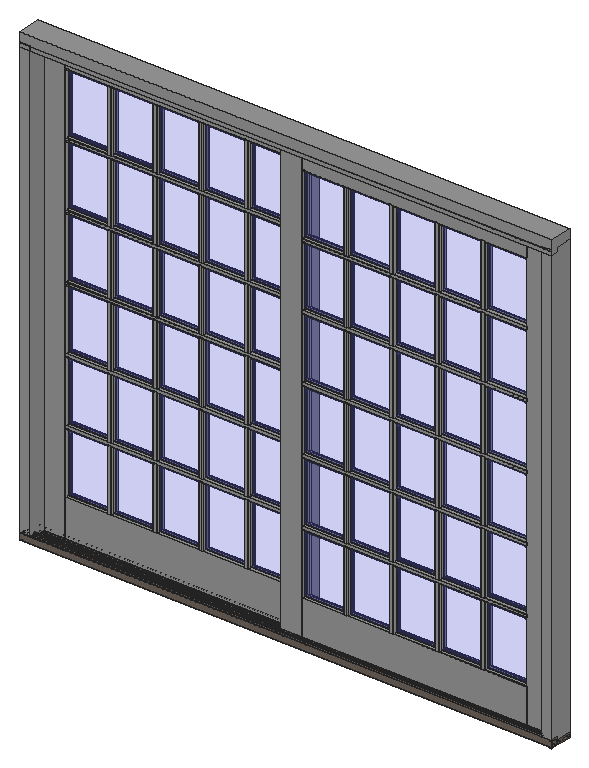
Revit family "VSDA2.4SP LH", category Doors, host Wall, Revit 2015
Parameters (values of type "VSDA2.4SP LH")
  Function = Interior
  Frame Projection Ext. = 25 mm
  Frame Projection Int. = 25 mm
  Frame Width = 75 mm
  Height = 2100 mm
  Wall Closure = By host
  Width = 2450 mm
Reference planes
  plane 1: y = 0
  plane 2 "Center (Left/Right)": x = 0
  plane 3 "Left": x = -1225
  plane 4 "Right": x = 1225
  plane 5: z = 2100
  plane 6 "Exterior": y = 75
  plane 7 "Interior": y = -75
Forms (mm)
  Extrusion 1, solid, material "Aluminium Cill (Bronze)"
    sketch origin (0, 79.18, -119.746) x (0, 1, 0) y (0, 0, -1)
      loop
        arc (-26.68, -120.746) -> (-26.972, -120.039) -> (-27.68, -119.746) r 1
        line (-27.68, -119.746) -> (-130.68, -119.746)
        arc (-130.68, -119.746) -> (-131.387, -120.039) -> (-131.68, -120.746) r 1
        line (-131.68, -120.746) -> (-131.68, -150.746)
        arc (-131.68, -150.746) -> (-131.387, -151.453) -> (-130.68, -151.746) r 1
        line (-130.68, -151.746) -> (-120.912, -151.746)
        arc (-120.912, -151.746) -> (-119.18, -150.746) -> (-117.447, -151.746) r 2
        line (-117.447, -151.746) -> (-112.912, -151.746)
        arc (-112.912, -151.746) -> (-111.18, -150.746) -> (-109.447, -151.746) r 2
        line (-109.447, -151.746) -> (-99.68, -151.746)
        arc (-99.68, -151.746) -> (-98.972, -151.453) -> (-98.68, -150.746) r 1
        line (-98.68, -150.746) -> (-98.68, -149.246)
        arc (-98.68, -149.246) -> (-99.18, -148.746) -> (-99.68, -149.246) r 0.5
        line (-99.68, -149.246) -> (-99.68, -150.246) -> (-100.88, -150.246) -> (-100.88, -142.734) -> (-99.68, -142.734) -> (-99.68, -143.746)
        arc (-99.68, -143.746) -> (-99.18, -144.246) -> (-98.68, -143.746) r 0.5
        line (-98.68, -143.746) -> (-98.68, -138.746) -> (-90.432, -138.746) -> (-82.18, -138.746) -> (-82.18, -135.246)
        arc (-82.18, -135.246) -> (-81.74, -134.185) -> (-80.68, -133.746) r 1.5
        line (-80.68, -133.746) -> (-75.93, -133.746) -> (-75.93, -135.746) -> (-77.363, -135.746)
        arc (-77.363, -135.746) -> (-74.68, -138.746) -> (-71.996, -135.746) r 2.7
        line (-71.996, -135.746) -> (-73.43, -135.746) -> (-73.43, -133.746) -> (-68.68, -133.746)
        arc (-68.68, -133.746) -> (-67.619, -134.185) -> (-67.18, -135.246) r 1.5
        line (-67.18, -135.246) -> (-67.18, -138.746) -> (-60.412, -138.746)
        arc (-60.412, -138.746) -> (-58.68, -137.746) -> (-56.947, -138.746) r 2
        line (-56.947, -138.746) -> (-52.412, -138.746)
        arc (-52.412, -138.746) -> (-50.68, -137.746) -> (-48.947, -138.746) r 2
        line (-48.947, -138.746) -> (-44.412, -138.746)
        arc (-44.412, -138.746) -> (-42.68, -137.746) -> (-40.947, -138.746) r 2
        line (-40.947, -138.746) -> (-29.68, -138.746)
        arc (-29.68, -138.746) -> (-27.558, -137.867) -> (-26.68, -135.746) r 3
        line (-26.68, -135.746) -> (-26.68, -120.746)
      loop
        arc (-29.68, -137.246) -> (-28.619, -136.807) -> (-28.18, -135.746) r 1.5
        line (-28.18, -135.746) -> (-28.18, -121.246) -> (-73.93, -121.246) -> (-73.93, -132.246) -> (-68.68, -132.246)
        arc (-68.68, -132.246) -> (-66.558, -133.125) -> (-65.68, -135.246) r 3
        line (-65.68, -135.246) -> (-65.68, -137.246) -> (-61.129, -137.246)
        arc (-61.129, -137.246) -> (-58.68, -136.246) -> (-56.23, -137.246) r 3.5
        line (-56.23, -137.246) -> (-53.129, -137.246)
        arc (-53.129, -137.246) -> (-50.68, -136.246) -> (-48.23, -137.246) r 3.5
        line (-48.23, -137.246) -> (-45.129, -137.246)
        arc (-45.129, -137.246) -> (-42.68, -136.246) -> (-40.23, -137.246) r 3.5
        line (-40.23, -137.246) -> (-29.68, -137.246)
      loop
        line (-75.43, -132.246) -> (-75.43, -121.246) -> (-98.68, -121.246) -> (-98.68, -137.246) -> (-83.68, -137.246) -> (-83.68, -135.246)
        arc (-83.68, -135.246) -> (-82.801, -133.125) -> (-80.68, -132.246) r 3
        line (-80.68, -132.246) -> (-75.43, -132.246)
      loop
        line (-100.18, -121.246) -> (-130.18, -121.246) -> (-130.18, -150.246) -> (-121.629, -150.246)
        arc (-121.629, -150.246) -> (-119.18, -149.246) -> (-116.73, -150.246) r 3.5
        line (-116.73, -150.246) -> (-113.629, -150.246)
        arc (-113.629, -150.246) -> (-111.18, -149.246) -> (-108.73, -150.246) r 3.5
        line (-108.73, -150.246) -> (-102.38, -150.246) -> (-102.38, -141.246) -> (-100.18, -141.246) -> (-100.18, -121.246)
    from -1225 to 1225
  Extrusion 2, solid, material "Lauan, Meranti"
    sketch origin (0, 0, 0) x (0, 1, 0) y (0, 0, -1)
      loop
        line (52.5, -2100) -> (52.5, -2057) -> (32.5, -2057) -> (32.5, -2055) -> (-20.5, -2055) -> (-20.5, -2041.5) -> (-27.5, -2041.5) -> (-27.5, -2038.5) -> (-20.5, -2038.5) -> (-20.5, -2035) -> (-52.5, -2035) -> (-52.5, -2052) -> (-49.5, -2052) -> (-49.5, -2055) -> (-52.5, -2055) -> (-52.5, -2100) -> (52.5, -2100)
    from -1225 to 1225
  Extrusion 3, solid, material "Lauan, Meranti"
    sketch origin (0, 0, 0) x (-1, 0, 0) y (0, -1, 0)
      loop
        line (-1225, -52.5) -> (-1182, -52.5) -> (-1182, -32.5) -> (-1180, -32.5) -> (-1180, 52.5) -> (-1225, 52.5) -> (-1225, -52.5)
      loop
        line (1225, -52.5) -> (1225, 52.5) -> (1180, 52.5) -> (1180, -32.5) -> (1182, -32.5) -> (1182, -52.5) -> (1225, -52.5)
    from 32 to 2057
  Extrusion 4, solid, material "Lauan, Meranti"
    sketch origin (0, 0, 0) x (-1, 0, 0) y (0, -1, 0)
      loop
        line (-1160, -32.5) -> (-1163.5, -32.5) -> (-1163.5, -39.5) -> (-1166.5, -39.5) -> (-1166.5, -32.5) -> (-1182, -32.5) -> (-1182, -49.5) -> (-1179, -49.5) -> (-1179, -52.5) -> (-1160, -52.5) -> (-1160, -32.5)
    from 2035 to 19
  Extrusion 5, solid, material "Lauan, Meranti"
    sketch origin (0, 0, 0) x (-1, 0, 0) y (0, -1, 0)
      loop
        line (-1225, -52.5) -> (-1182, -52.5) -> (-1182, -32.5) -> (-1180, -32.5) -> (-1180, 19.5) -> (-1225, 19.5) -> (-1225, -52.5)
      loop
        line (1225, -52.5) -> (1225, 19.5) -> (1180, 19.5) -> (1180, -32.5) -> (1182, -32.5) -> (1182, -52.5) -> (1225, -52.5)
    from 19 to 32
  Extrusion 6, solid, material "Lauan, Meranti"
    sketch origin (-280, 0, 0) x (0, 1, 0) y (0, 0, -1)
      loop
        line (52.5, -2054) -> (52.5, -2035) -> (32.5, -2035) -> (32.5, -2038.5) -> (39.5, -2038.5) -> (39.5, -2041.5) -> (32.5, -2041.5) -> (32.5, -2057) -> (49.5, -2057) -> (49.5, -2054) -> (52.5, -2054)
    from -1462 to -332.5
  Extrusion 7, solid, material "Lauan, Meranti"
    sketch origin (0, 148.121, 19) x (-1, 0, 0) y (0, -1, 0)
      loop
        line (-43.5, 163.621) -> (-43.5, 161.621)
        arc (-43.5, 161.621) -> (-48.235, 160.061) -> (-50.5, 155.621) r 6.549
        line (-50.5, 155.621) -> (-52.5, 155.621) -> (-52.5, 153.621) -> (-43.5, 153.621) -> (-43.5, 123.621) -> (52.5, 123.621) -> (52.5, 163.621) -> (-43.5, 163.621)
      loop
        line (43.5, 117.121) -> (-52.5, 117.121) -> (-52.5, 77.121) -> (43.5, 77.121) -> (43.5, 107.121) -> (52.5, 107.121) -> (52.5, 109.121) -> (50.5, 109.121)
        arc (50.5, 109.121) -> (48.235, 113.561) -> (43.5, 115.121) r 6.549
        line (43.5, 115.121) -> (43.5, 117.121)
      loop
        line (-1084, 163.621) -> (-1180, 163.621) -> (-1180, 123.621) -> (-1084, 123.621) -> (-1084, 153.621) -> (-1075, 153.621) -> (-1075, 155.621) -> (-1077, 155.621)
        arc (-1077, 155.621) -> (-1079.265, 160.061) -> (-1084, 161.621) r 6.549
        line (-1084, 161.621) -> (-1084, 163.621)
      loop
        line (1084, 117.121) -> (1084, 115.121)
        arc (1084, 115.121) -> (1079.265, 113.561) -> (1077, 109.121) r 6.549
        line (1077, 109.121) -> (1075, 109.121) -> (1075, 107.121) -> (1084, 107.121) -> (1084, 77.121) -> (1180, 77.121) -> (1180, 117.121) -> (1084, 117.121)
    from 0 to 2036
  Extrusion 8, solid, material "Lauan, Meranti"
    sketch origin (-1335, 46.5, 0) x (0, 1, 0) y (0, 0, -1)
      loop
        line (-15.5, -190) -> (-13.5, -190)
        arc (-13.5, -190) -> (-11.866, -194.67) -> (-7.5, -197) r 6.807
        line (-7.5, -197) -> (-7.5, -199) -> (-5.5, -199) -> (-5.5, -190) -> (24.5, -190) -> (24.5, -19) -> (-15.5, -19) -> (-15.5, -190)
      loop
        arc (-7.5, -1952) -> (-11.866, -1954.33) -> (-13.5, -1959) r 6.807
        line (-13.5, -1959) -> (-15.5, -1959) -> (-15.5, -2055) -> (24.5, -2055) -> (24.5, -1959) -> (-5.5, -1959) -> (-5.5, -1950) -> (-7.5, -1950) -> (-7.5, -1952)
      loop
        line (-15.5, -1675) -> (-13.5, -1675)
        arc (-13.5, -1675) -> (-11.866, -1679.67) -> (-7.5, -1682) r 6.807
        line (-7.5, -1682) -> (-7.5, -1684) -> (-5.5, -1684) -> (-5.5, -1675) -> (24.5, -1675) -> (24.5, -1662) -> (-5.5, -1662) -> (-5.5, -1653) -> (-7.5, -1653) -> (-7.5, -1655)
        arc (-7.5, -1655) -> (-11.866, -1657.33) -> (-13.5, -1662) r 6.807
        line (-13.5, -1662) -> (-15.5, -1662) -> (-15.5, -1675)
      loop
        line (-15.5, -1378) -> (-13.5, -1378)
        arc (-13.5, -1378) -> (-11.866, -1382.67) -> (-7.5, -1385) r 6.807
        line (-7.5, -1385) -> (-7.5, -1387) -> (-5.5, -1387) -> (-5.5, -1378) -> (24.5, -1378) -> (24.5, -1365) -> (-5.5, -1365) -> (-5.5, -1356) -> (-7.5, -1356) -> (-7.5, -1358)
        arc (-7.5, -1358) -> (-11.866, -1360.33) -> (-13.5, -1365) r 6.807
        line (-13.5, -1365) -> (-15.5, -1365) -> (-15.5, -1378)
      loop
        line (-15.5, -1081) -> (-13.5, -1081)
        arc (-13.5, -1081) -> (-11.866, -1085.67) -> (-7.5, -1088) r 6.807
        line (-7.5, -1088) -> (-7.5, -1090) -> (-5.5, -1090) -> (-5.5, -1081) -> (24.5, -1081) -> (24.5, -1068) -> (-5.5, -1068) -> (-5.5, -1059) -> (-7.5, -1059) -> (-7.5, -1061)
        arc (-7.5, -1061) -> (-11.866, -1063.33) -> (-13.5, -1068) r 6.807
        line (-13.5, -1068) -> (-15.5, -1068) -> (-15.5, -1081)
      loop
        line (-15.5, -784) -> (-13.5, -784)
        arc (-13.5, -784) -> (-11.866, -788.67) -> (-7.5, -791) r 6.807
        line (-7.5, -791) -> (-7.5, -793) -> (-5.5, -793) -> (-5.5, -784) -> (24.5, -784) -> (24.5, -771) -> (-5.5, -771) -> (-5.5, -762) -> (-7.5, -762) -> (-7.5, -764)
        arc (-7.5, -764) -> (-11.866, -766.33) -> (-13.5, -771) r 6.807
        line (-13.5, -771) -> (-15.5, -771) -> (-15.5, -784)
      loop
        line (-15.5, -487) -> (-13.5, -487)
        arc (-13.5, -487) -> (-11.866, -491.67) -> (-7.5, -494) r 6.807
        line (-7.5, -494) -> (-7.5, -496) -> (-5.5, -496) -> (-5.5, -487) -> (24.5, -487) -> (24.5, -474) -> (-5.5, -474) -> (-5.5, -465) -> (-7.5, -465) -> (-7.5, -467)
        arc (-7.5, -467) -> (-11.866, -469.33) -> (-13.5, -474) r 6.807
        line (-13.5, -474) -> (-15.5, -474) -> (-15.5, -487)
    from -1291.5 to -251
  Sweep 9, solid, material "Lauan, Meranti"
    path origin (-570.605, -75, -781.763) x (-1, 0, 0) y (0, 0, -1)
      loop
        line (315.695, -2740.763) -> (513.395, -2740.763) -> (513.395, -2456.763) -> (315.695, -2456.763) -> (315.695, -2740.763)
    profile origin (-985.15, -75, 1959) x (0, 0, -1) y (0, -1, 0)
      loop
        line (9, -124.5) -> (0, -124.5) -> (0, -132.5)
        arc (0, -132.5) -> (4.67, -130.866) -> (7, -126.5) r 6.807
        line (7, -126.5) -> (9, -126.5) -> (9, -124.5)
  Extrusion 10, solid, material "Lauan, Meranti"
    sketch origin (-315, 0, 0) x (-1, 0, 0) y (0, -1, 0)
      loop
        line (558.3, -31) -> (558.3, -33)
        arc (558.3, -33) -> (553.63, -34.634) -> (551.3, -39) r 6.807
        line (551.3, -39) -> (549.3, -39) -> (549.3, -41) -> (558.3, -41) -> (558.3, -71) -> (571.3, -71) -> (571.3, -41) -> (580.3, -41) -> (580.3, -39) -> (578.3, -39)
        arc (578.3, -39) -> (575.97, -34.634) -> (571.3, -33) r 6.807
        line (571.3, -33) -> (571.3, -31) -> (558.3, -31)
      loop
        line (347.6, -31) -> (347.6, -33)
        arc (347.6, -33) -> (342.93, -34.634) -> (340.6, -39) r 6.807
        line (340.6, -39) -> (338.6, -39) -> (338.6, -41) -> (347.6, -41) -> (347.6, -71) -> (360.6, -71) -> (360.6, -41) -> (369.6, -41) -> (369.6, -39) -> (367.6, -39)
        arc (367.6, -39) -> (365.27, -34.634) -> (360.6, -33) r 6.807
        line (360.6, -33) -> (360.6, -31) -> (347.6, -31)
      loop
        line (136.9, -31) -> (136.9, -33)
        arc (136.9, -33) -> (132.23, -34.634) -> (129.9, -39) r 6.807
        line (129.9, -39) -> (127.9, -39) -> (127.9, -41) -> (136.9, -41) -> (136.9, -71) -> (149.9, -71) -> (149.9, -41) -> (158.9, -41) -> (158.9, -39) -> (156.9, -39)
        arc (156.9, -39) -> (154.57, -34.634) -> (149.9, -33) r 6.807
        line (149.9, -33) -> (149.9, -31) -> (136.9, -31)
      loop
        line (-73.8, -31) -> (-73.8, -33)
        arc (-73.8, -33) -> (-78.47, -34.634) -> (-80.8, -39) r 6.807
        line (-80.8, -39) -> (-82.8, -39) -> (-82.8, -41) -> (-73.8, -41) -> (-73.8, -71) -> (-60.8, -71) -> (-60.8, -41) -> (-51.8, -41) -> (-51.8, -39) -> (-53.8, -39)
        arc (-53.8, -39) -> (-56.13, -34.634) -> (-60.8, -33) r 6.807
        line (-60.8, -33) -> (-60.8, -31) -> (-73.8, -31)
    from 1675 to 1959
  Extrusion 11, solid, material "Lauan, Meranti"
    sketch origin (315, 0, 0) x (0, 1, 0) y (0, 0, -1)
      loop
        line (-15.5, -190) -> (-13.5, -190)
        arc (-13.5, -190) -> (-11.866, -194.67) -> (-7.5, -197) r 6.807
        line (-7.5, -197) -> (-7.5, -199) -> (-5.5, -199) -> (-5.5, -190) -> (24.5, -190) -> (24.5, -19) -> (-15.5, -19) -> (-15.5, -190)
      loop
        arc (-7.5, -1952) -> (-11.866, -1954.33) -> (-13.5, -1959) r 6.807
        line (-13.5, -1959) -> (-15.5, -1959) -> (-15.5, -2055) -> (24.5, -2055) -> (24.5, -1959) -> (-5.5, -1959) -> (-5.5, -1950) -> (-7.5, -1950) -> (-7.5, -1952)
      loop
        line (-15.5, -1675) -> (-13.5, -1675)
        arc (-13.5, -1675) -> (-11.866, -1679.67) -> (-7.5, -1682) r 6.807
        line (-7.5, -1682) -> (-7.5, -1684) -> (-5.5, -1684) -> (-5.5, -1675) -> (24.5, -1675) -> (24.5, -1662) -> (-5.5, -1662) -> (-5.5, -1653) -> (-7.5, -1653) -> (-7.5, -1655)
        arc (-7.5, -1655) -> (-11.866, -1657.33) -> (-13.5, -1662) r 6.807
        line (-13.5, -1662) -> (-15.5, -1662) -> (-15.5, -1675)
      loop
        line (-15.5, -1378) -> (-13.5, -1378)
        arc (-13.5, -1378) -> (-11.866, -1382.67) -> (-7.5, -1385) r 6.807
        line (-7.5, -1385) -> (-7.5, -1387) -> (-5.5, -1387) -> (-5.5, -1378) -> (24.5, -1378) -> (24.5, -1365) -> (-5.5, -1365) -> (-5.5, -1356) -> (-7.5, -1356) -> (-7.5, -1358)
        arc (-7.5, -1358) -> (-11.866, -1360.33) -> (-13.5, -1365) r 6.807
        line (-13.5, -1365) -> (-15.5, -1365) -> (-15.5, -1378)
      loop
        line (-15.5, -1081) -> (-13.5, -1081)
        arc (-13.5, -1081) -> (-11.866, -1085.67) -> (-7.5, -1088) r 6.807
        line (-7.5, -1088) -> (-7.5, -1090) -> (-5.5, -1090) -> (-5.5, -1081) -> (24.5, -1081) -> (24.5, -1068) -> (-5.5, -1068) -> (-5.5, -1059) -> (-7.5, -1059) -> (-7.5, -1061)
        arc (-7.5, -1061) -> (-11.866, -1063.33) -> (-13.5, -1068) r 6.807
        line (-13.5, -1068) -> (-15.5, -1068) -> (-15.5, -1081)
      loop
        line (-15.5, -784) -> (-13.5, -784)
        arc (-13.5, -784) -> (-11.866, -788.67) -> (-7.5, -791) r 6.807
        line (-7.5, -791) -> (-7.5, -793) -> (-5.5, -793) -> (-5.5, -784) -> (24.5, -784) -> (24.5, -771) -> (-5.5, -771) -> (-5.5, -762) -> (-7.5, -762) -> (-7.5, -764)
        arc (-7.5, -764) -> (-11.866, -766.33) -> (-13.5, -771) r 6.807
        line (-13.5, -771) -> (-15.5, -771) -> (-15.5, -784)
      loop
        line (-15.5, -487) -> (-13.5, -487)
        arc (-13.5, -487) -> (-11.866, -491.67) -> (-7.5, -494) r 6.807
        line (-7.5, -494) -> (-7.5, -496) -> (-5.5, -496) -> (-5.5, -487) -> (24.5, -487) -> (24.5, -474) -> (-5.5, -474) -> (-5.5, -465) -> (-7.5, -465) -> (-7.5, -467)
        arc (-7.5, -467) -> (-11.866, -469.33) -> (-13.5, -474) r 6.807
        line (-13.5, -474) -> (-15.5, -474) -> (-15.5, -487)
    from -769 to 271.5
  Sweep 12, solid, material "Lauan, Meranti"
    path origin (-359.905, -75, -781.763) x (-1, 0, 0) y (0, 0, -1)
      loop
        line (315.695, -2740.763) -> (513.395, -2740.763) -> (513.395, -2456.763) -> (315.695, -2456.763) -> (315.695, -2740.763)
    profile origin (-774.45, -75, 1959) x (0, 0, -1) y (0, -1, 0)
      loop
        line (9, -124.5) -> (0, -124.5) -> (0, -132.5)
        arc (0, -132.5) -> (4.67, -130.866) -> (7, -126.5) r 6.807
        line (7, -126.5) -> (9, -126.5) -> (9, -124.5)
  Sweep 13, solid, material "Lauan, Meranti"
    path origin (-149.205, -75, -781.763) x (-1, 0, 0) y (0, 0, -1)
      loop
        line (315.695, -2740.763) -> (513.395, -2740.763) -> (513.395, -2456.763) -> (315.695, -2456.763) -> (315.695, -2740.763)
    profile origin (-563.75, -75, 1959) x (0, 0, -1) y (0, -1, 0)
      loop
        line (9, -124.5) -> (0, -124.5) -> (0, -132.5)
        arc (0, -132.5) -> (4.67, -130.866) -> (7, -126.5) r 6.807
        line (7, -126.5) -> (9, -126.5) -> (9, -124.5)
  Sweep 14, solid, material "Lauan, Meranti"
    path origin (61.495, -75, -781.763) x (-1, 0, 0) y (0, 0, -1)
      loop
        line (315.695, -2740.763) -> (513.395, -2740.763) -> (513.395, -2456.763) -> (315.695, -2456.763) -> (315.695, -2740.763)
    profile origin (-353.05, -75, 1959) x (0, 0, -1) y (0, -1, 0)
      loop
        line (9, -124.5) -> (0, -124.5) -> (0, -132.5)
        arc (0, -132.5) -> (4.67, -130.866) -> (7, -126.5) r 6.807
        line (7, -126.5) -> (9, -126.5) -> (9, -124.5)
  Sweep 15, solid, material "Lauan, Meranti"
    path origin (272.195, -75, -781.763) x (-1, 0, 0) y (0, 0, -1)
      loop
        line (315.695, -2740.763) -> (513.395, -2740.763) -> (513.395, -2456.763) -> (315.695, -2456.763) -> (315.695, -2740.763)
    profile origin (-142.35, -75, 1959) x (0, 0, -1) y (0, -1, 0)
      loop
        line (9, -124.5) -> (0, -124.5) -> (0, -132.5)
        arc (0, -132.5) -> (4.67, -130.866) -> (7, -126.5) r 6.807
        line (7, -126.5) -> (9, -126.5) -> (9, -124.5)
  Sweep 16, solid, material "Lauan, Meranti"
    path origin (-570.605, -75, -1078.763) x (-1, 0, 0) y (0, 0, -1)
      loop
        line (315.695, -2740.763) -> (513.395, -2740.763) -> (513.395, -2456.763) -> (315.695, -2456.763) -> (315.695, -2740.763)
    profile origin (-985.15, -75, 1662) x (0, 0, -1) y (0, -1, 0)
      loop
        line (9, -124.5) -> (0, -124.5) -> (0, -132.5)
        arc (0, -132.5) -> (4.67, -130.866) -> (7, -126.5) r 6.807
        line (7, -126.5) -> (9, -126.5) -> (9, -124.5)
  Extrusion 17, solid, material "Lauan, Meranti"
    sketch origin (-315, 0, -297) x (-1, 0, 0) y (0, -1, 0)
      loop
        line (558.3, -31) -> (558.3, -33)
        arc (558.3, -33) -> (553.63, -34.634) -> (551.3, -39) r 6.807
        line (551.3, -39) -> (549.3, -39) -> (549.3, -41) -> (558.3, -41) -> (558.3, -71) -> (571.3, -71) -> (571.3, -41) -> (580.3, -41) -> (580.3, -39) -> (578.3, -39)
        arc (578.3, -39) -> (575.97, -34.634) -> (571.3, -33) r 6.807
        line (571.3, -33) -> (571.3, -31) -> (558.3, -31)
      loop
        line (347.6, -31) -> (347.6, -33)
        arc (347.6, -33) -> (342.93, -34.634) -> (340.6, -39) r 6.807
        line (340.6, -39) -> (338.6, -39) -> (338.6, -41) -> (347.6, -41) -> (347.6, -71) -> (360.6, -71) -> (360.6, -41) -> (369.6, -41) -> (369.6, -39) -> (367.6, -39)
        arc (367.6, -39) -> (365.27, -34.634) -> (360.6, -33) r 6.807
        line (360.6, -33) -> (360.6, -31) -> (347.6, -31)
      loop
        line (136.9, -31) -> (136.9, -33)
        arc (136.9, -33) -> (132.23, -34.634) -> (129.9, -39) r 6.807
        line (129.9, -39) -> (127.9, -39) -> (127.9, -41) -> (136.9, -41) -> (136.9, -71) -> (149.9, -71) -> (149.9, -41) -> (158.9, -41) -> (158.9, -39) -> (156.9, -39)
        arc (156.9, -39) -> (154.57, -34.634) -> (149.9, -33) r 6.807
        line (149.9, -33) -> (149.9, -31) -> (136.9, -31)
      loop
        line (-73.8, -31) -> (-73.8, -33)
        arc (-73.8, -33) -> (-78.47, -34.634) -> (-80.8, -39) r 6.807
        line (-80.8, -39) -> (-82.8, -39) -> (-82.8, -41) -> (-73.8, -41) -> (-73.8, -71) -> (-60.8, -71) -> (-60.8, -41) -> (-51.8, -41) -> (-51.8, -39) -> (-53.8, -39)
        arc (-53.8, -39) -> (-56.13, -34.634) -> (-60.8, -33) r 6.807
        line (-60.8, -33) -> (-60.8, -31) -> (-73.8, -31)
    from 1675 to 1959
  Sweep 18, solid, material "Lauan, Meranti"
    path origin (-359.905, -75, -1078.763) x (-1, 0, 0) y (0, 0, -1)
      loop
        line (315.695, -2740.763) -> (513.395, -2740.763) -> (513.395, -2456.763) -> (315.695, -2456.763) -> (315.695, -2740.763)
    profile origin (-774.45, -75, 1662) x (0, 0, -1) y (0, -1, 0)
      loop
        line (9, -124.5) -> (0, -124.5) -> (0, -132.5)
        arc (0, -132.5) -> (4.67, -130.866) -> (7, -126.5) r 6.807
        line (7, -126.5) -> (9, -126.5) -> (9, -124.5)
  Sweep 19, solid, material "Lauan, Meranti"
    path origin (-149.205, -75, -1078.763) x (-1, 0, 0) y (0, 0, -1)
      loop
        line (315.695, -2740.763) -> (513.395, -2740.763) -> (513.395, -2456.763) -> (315.695, -2456.763) -> (315.695, -2740.763)
    profile origin (-563.75, -75, 1662) x (0, 0, -1) y (0, -1, 0)
      loop
        line (9, -124.5) -> (0, -124.5) -> (0, -132.5)
        arc (0, -132.5) -> (4.67, -130.866) -> (7, -126.5) r 6.807
        line (7, -126.5) -> (9, -126.5) -> (9, -124.5)
  Sweep 20, solid, material "Lauan, Meranti"
    path origin (61.495, -75, -1078.763) x (-1, 0, 0) y (0, 0, -1)
      loop
        line (315.695, -2740.763) -> (513.395, -2740.763) -> (513.395, -2456.763) -> (315.695, -2456.763) -> (315.695, -2740.763)
    profile origin (-353.05, -75, 1662) x (0, 0, -1) y (0, -1, 0)
      loop
        line (9, -124.5) -> (0, -124.5) -> (0, -132.5)
        arc (0, -132.5) -> (4.67, -130.866) -> (7, -126.5) r 6.807
        line (7, -126.5) -> (9, -126.5) -> (9, -124.5)
  Sweep 21, solid, material "Lauan, Meranti"
    path origin (272.195, -75, -1078.763) x (-1, 0, 0) y (0, 0, -1)
      loop
        line (315.695, -2740.763) -> (513.395, -2740.763) -> (513.395, -2456.763) -> (315.695, -2456.763) -> (315.695, -2740.763)
    profile origin (-142.35, -75, 1662) x (0, 0, -1) y (0, -1, 0)
      loop
        line (9, -124.5) -> (0, -124.5) -> (0, -132.5)
        arc (0, -132.5) -> (4.67, -130.866) -> (7, -126.5) r 6.807
        line (7, -126.5) -> (9, -126.5) -> (9, -124.5)
  Sweep 22, solid, material "Lauan, Meranti"
    path origin (-570.605, -75, -1375.763) x (-1, 0, 0) y (0, 0, -1)
      loop
        line (315.695, -2740.763) -> (513.395, -2740.763) -> (513.395, -2456.763) -> (315.695, -2456.763) -> (315.695, -2740.763)
    profile origin (-985.15, -75, 1365) x (0, 0, -1) y (0, -1, 0)
      loop
        line (9, -124.5) -> (0, -124.5) -> (0, -132.5)
        arc (0, -132.5) -> (4.67, -130.866) -> (7, -126.5) r 6.807
        line (7, -126.5) -> (9, -126.5) -> (9, -124.5)
  Extrusion 23, solid, material "Lauan, Meranti"
    sketch origin (-315, 0, -594) x (-1, 0, 0) y (0, -1, 0)
      loop
        line (558.3, -31) -> (558.3, -33)
        arc (558.3, -33) -> (553.63, -34.634) -> (551.3, -39) r 6.807
        line (551.3, -39) -> (549.3, -39) -> (549.3, -41) -> (558.3, -41) -> (558.3, -71) -> (571.3, -71) -> (571.3, -41) -> (580.3, -41) -> (580.3, -39) -> (578.3, -39)
        arc (578.3, -39) -> (575.97, -34.634) -> (571.3, -33) r 6.807
        line (571.3, -33) -> (571.3, -31) -> (558.3, -31)
      loop
        line (347.6, -31) -> (347.6, -33)
        arc (347.6, -33) -> (342.93, -34.634) -> (340.6, -39) r 6.807
        line (340.6, -39) -> (338.6, -39) -> (338.6, -41) -> (347.6, -41) -> (347.6, -71) -> (360.6, -71) -> (360.6, -41) -> (369.6, -41) -> (369.6, -39) -> (367.6, -39)
        arc (367.6, -39) -> (365.27, -34.634) -> (360.6, -33) r 6.807
        line (360.6, -33) -> (360.6, -31) -> (347.6, -31)
      loop
        line (136.9, -31) -> (136.9, -33)
        arc (136.9, -33) -> (132.23, -34.634) -> (129.9, -39) r 6.807
        line (129.9, -39) -> (127.9, -39) -> (127.9, -41) -> (136.9, -41) -> (136.9, -71) -> (149.9, -71) -> (149.9, -41) -> (158.9, -41) -> (158.9, -39) -> (156.9, -39)
        arc (156.9, -39) -> (154.57, -34.634) -> (149.9, -33) r 6.807
        line (149.9, -33) -> (149.9, -31) -> (136.9, -31)
      loop
        line (-73.8, -31) -> (-73.8, -33)
        arc (-73.8, -33) -> (-78.47, -34.634) -> (-80.8, -39) r 6.807
        line (-80.8, -39) -> (-82.8, -39) -> (-82.8, -41) -> (-73.8, -41) -> (-73.8, -71) -> (-60.8, -71) -> (-60.8, -41) -> (-51.8, -41) -> (-51.8, -39) -> (-53.8, -39)
        arc (-53.8, -39) -> (-56.13, -34.634) -> (-60.8, -33) r 6.807
        line (-60.8, -33) -> (-60.8, -31) -> (-73.8, -31)
    from 1675 to 1959
  Sweep 24, solid, material "Lauan, Meranti"
    path origin (-359.905, -75, -1375.763) x (-1, 0, 0) y (0, 0, -1)
      loop
        line (315.695, -2740.763) -> (513.395, -2740.763) -> (513.395, -2456.763) -> (315.695, -2456.763) -> (315.695, -2740.763)
    profile origin (-774.45, -75, 1365) x (0, 0, -1) y (0, -1, 0)
      loop
        line (9, -124.5) -> (0, -124.5) -> (0, -132.5)
        arc (0, -132.5) -> (4.67, -130.866) -> (7, -126.5) r 6.807
        line (7, -126.5) -> (9, -126.5) -> (9, -124.5)
  Sweep 25, solid, material "Lauan, Meranti"
    path origin (-149.205, -75, -1375.763) x (-1, 0, 0) y (0, 0, -1)
      loop
        line (315.695, -2740.763) -> (513.395, -2740.763) -> (513.395, -2456.763) -> (315.695, -2456.763) -> (315.695, -2740.763)
    profile origin (-563.75, -75, 1365) x (0, 0, -1) y (0, -1, 0)
      loop
        line (9, -124.5) -> (0, -124.5) -> (0, -132.5)
        arc (0, -132.5) -> (4.67, -130.866) -> (7, -126.5) r 6.807
        line (7, -126.5) -> (9, -126.5) -> (9, -124.5)
  Sweep 26, solid, material "Lauan, Meranti"
    path origin (61.495, -75, -1375.763) x (-1, 0, 0) y (0, 0, -1)
      loop
        line (315.695, -2740.763) -> (513.395, -2740.763) -> (513.395, -2456.763) -> (315.695, -2456.763) -> (315.695, -2740.763)
    profile origin (-353.05, -75, 1365) x (0, 0, -1) y (0, -1, 0)
      loop
        line (9, -124.5) -> (0, -124.5) -> (0, -132.5)
        arc (0, -132.5) -> (4.67, -130.866) -> (7, -126.5) r 6.807
        line (7, -126.5) -> (9, -126.5) -> (9, -124.5)
  Sweep 27, solid, material "Lauan, Meranti"
    path origin (272.195, -75, -1375.763) x (-1, 0, 0) y (0, 0, -1)
      loop
        line (315.695, -2740.763) -> (513.395, -2740.763) -> (513.395, -2456.763) -> (315.695, -2456.763) -> (315.695, -2740.763)
    profile origin (-142.35, -75, 1365) x (0, 0, -1) y (0, -1, 0)
      loop
        line (9, -124.5) -> (0, -124.5) -> (0, -132.5)
        arc (0, -132.5) -> (4.67, -130.866) -> (7, -126.5) r 6.807
        line (7, -126.5) -> (9, -126.5) -> (9, -124.5)
  Sweep 28, solid, material "Lauan, Meranti"
    path origin (-570.605, -75, -1672.763) x (-1, 0, 0) y (0, 0, -1)
      loop
        line (315.695, -2740.763) -> (513.395, -2740.763) -> (513.395, -2456.763) -> (315.695, -2456.763) -> (315.695, -2740.763)
    profile origin (-985.15, -75, 1068) x (0, 0, -1) y (0, -1, 0)
      loop
        line (9, -124.5) -> (0, -124.5) -> (0, -132.5)
        arc (0, -132.5) -> (4.67, -130.866) -> (7, -126.5) r 6.807
        line (7, -126.5) -> (9, -126.5) -> (9, -124.5)
  Extrusion 29, solid, material "Lauan, Meranti"
    sketch origin (-315, 0, -891) x (-1, 0, 0) y (0, -1, 0)
      loop
        line (558.3, -31) -> (558.3, -33)
        arc (558.3, -33) -> (553.63, -34.634) -> (551.3, -39) r 6.807
        line (551.3, -39) -> (549.3, -39) -> (549.3, -41) -> (558.3, -41) -> (558.3, -71) -> (571.3, -71) -> (571.3, -41) -> (580.3, -41) -> (580.3, -39) -> (578.3, -39)
        arc (578.3, -39) -> (575.97, -34.634) -> (571.3, -33) r 6.807
        line (571.3, -33) -> (571.3, -31) -> (558.3, -31)
      loop
        line (347.6, -31) -> (347.6, -33)
        arc (347.6, -33) -> (342.93, -34.634) -> (340.6, -39) r 6.807
        line (340.6, -39) -> (338.6, -39) -> (338.6, -41) -> (347.6, -41) -> (347.6, -71) -> (360.6, -71) -> (360.6, -41) -> (369.6, -41) -> (369.6, -39) -> (367.6, -39)
        arc (367.6, -39) -> (365.27, -34.634) -> (360.6, -33) r 6.807
        line (360.6, -33) -> (360.6, -31) -> (347.6, -31)
      loop
        line (136.9, -31) -> (136.9, -33)
        arc (136.9, -33) -> (132.23, -34.634) -> (129.9, -39) r 6.807
        line (129.9, -39) -> (127.9, -39) -> (127.9, -41) -> (136.9, -41) -> (136.9, -71) -> (149.9, -71) -> (149.9, -41) -> (158.9, -41) -> (158.9, -39) -> (156.9, -39)
        arc (156.9, -39) -> (154.57, -34.634) -> (149.9, -33) r 6.807
        line (149.9, -33) -> (149.9, -31) -> (136.9, -31)
      loop
        line (-73.8, -31) -> (-73.8, -33)
        arc (-73.8, -33) -> (-78.47, -34.634) -> (-80.8, -39) r 6.807
        line (-80.8, -39) -> (-82.8, -39) -> (-82.8, -41) -> (-73.8, -41) -> (-73.8, -71) -> (-60.8, -71) -> (-60.8, -41) -> (-51.8, -41) -> (-51.8, -39) -> (-53.8, -39)
        arc (-53.8, -39) -> (-56.13, -34.634) -> (-60.8, -33) r 6.807
        line (-60.8, -33) -> (-60.8, -31) -> (-73.8, -31)
    from 1675 to 1959
  Sweep 30, solid, material "Lauan, Meranti"
    path origin (-359.905, -75, -1672.763) x (-1, 0, 0) y (0, 0, -1)
      loop
        line (315.695, -2740.763) -> (513.395, -2740.763) -> (513.395, -2456.763) -> (315.695, -2456.763) -> (315.695, -2740.763)
    profile origin (-774.45, -75, 1068) x (0, 0, -1) y (0, -1, 0)
      loop
        line (9, -124.5) -> (0, -124.5) -> (0, -132.5)
        arc (0, -132.5) -> (4.67, -130.866) -> (7, -126.5) r 6.807
        line (7, -126.5) -> (9, -126.5) -> (9, -124.5)
  Sweep 31, solid, material "Lauan, Meranti"
    path origin (-149.205, -75, -1672.763) x (-1, 0, 0) y (0, 0, -1)
      loop
        line (315.695, -2740.763) -> (513.395, -2740.763) -> (513.395, -2456.763) -> (315.695, -2456.763) -> (315.695, -2740.763)
    profile origin (-563.75, -75, 1068) x (0, 0, -1) y (0, -1, 0)
      loop
        line (9, -124.5) -> (0, -124.5) -> (0, -132.5)
        arc (0, -132.5) -> (4.67, -130.866) -> (7, -126.5) r 6.807
        line (7, -126.5) -> (9, -126.5) -> (9, -124.5)
  Sweep 32, solid, material "Lauan, Meranti"
    path origin (61.495, -75, -1672.763) x (-1, 0, 0) y (0, 0, -1)
      loop
        line (315.695, -2740.763) -> (513.395, -2740.763) -> (513.395, -2456.763) -> (315.695, -2456.763) -> (315.695, -2740.763)
    profile origin (-353.05, -75, 1068) x (0, 0, -1) y (0, -1, 0)
      loop
        line (9, -124.5) -> (0, -124.5) -> (0, -132.5)
        arc (0, -132.5) -> (4.67, -130.866) -> (7, -126.5) r 6.807
        line (7, -126.5) -> (9, -126.5) -> (9, -124.5)
  Sweep 33, solid, material "Lauan, Meranti"
    path origin (272.195, -75, -1672.763) x (-1, 0, 0) y (0, 0, -1)
      loop
        line (315.695, -2740.763) -> (513.395, -2740.763) -> (513.395, -2456.763) -> (315.695, -2456.763) -> (315.695, -2740.763)
    profile origin (-142.35, -75, 1068) x (0, 0, -1) y (0, -1, 0)
      loop
        line (9, -124.5) -> (0, -124.5) -> (0, -132.5)
        arc (0, -132.5) -> (4.67, -130.866) -> (7, -126.5) r 6.807
        line (7, -126.5) -> (9, -126.5) -> (9, -124.5)
  Sweep 34, solid, material "Lauan, Meranti"
    path origin (-570.605, -75, -1969.763) x (-1, 0, 0) y (0, 0, -1)
      loop
        line (315.695, -2740.763) -> (513.395, -2740.763) -> (513.395, -2456.763) -> (315.695, -2456.763) -> (315.695, -2740.763)
    profile origin (-985.15, -75, 771) x (0, 0, -1) y (0, -1, 0)
      loop
        line (9, -124.5) -> (0, -124.5) -> (0, -132.5)
        arc (0, -132.5) -> (4.67, -130.866) -> (7, -126.5) r 6.807
        line (7, -126.5) -> (9, -126.5) -> (9, -124.5)
  Extrusion 35, solid, material "Lauan, Meranti"
    sketch origin (-315, 0, -1188) x (-1, 0, 0) y (0, -1, 0)
      loop
        line (558.3, -31) -> (558.3, -33)
        arc (558.3, -33) -> (553.63, -34.634) -> (551.3, -39) r 6.807
        line (551.3, -39) -> (549.3, -39) -> (549.3, -41) -> (558.3, -41) -> (558.3, -71) -> (571.3, -71) -> (571.3, -41) -> (580.3, -41) -> (580.3, -39) -> (578.3, -39)
        arc (578.3, -39) -> (575.97, -34.634) -> (571.3, -33) r 6.807
        line (571.3, -33) -> (571.3, -31) -> (558.3, -31)
      loop
        line (347.6, -31) -> (347.6, -33)
        arc (347.6, -33) -> (342.93, -34.634) -> (340.6, -39) r 6.807
        line (340.6, -39) -> (338.6, -39) -> (338.6, -41) -> (347.6, -41) -> (347.6, -71) -> (360.6, -71) -> (360.6, -41) -> (369.6, -41) -> (369.6, -39) -> (367.6, -39)
        arc (367.6, -39) -> (365.27, -34.634) -> (360.6, -33) r 6.807
        line (360.6, -33) -> (360.6, -31) -> (347.6, -31)
      loop
        line (136.9, -31) -> (136.9, -33)
        arc (136.9, -33) -> (132.23, -34.634) -> (129.9, -39) r 6.807
        line (129.9, -39) -> (127.9, -39) -> (127.9, -41) -> (136.9, -41) -> (136.9, -71) -> (149.9, -71) -> (149.9, -41) -> (158.9, -41) -> (158.9, -39) -> (156.9, -39)
        arc (156.9, -39) -> (154.57, -34.634) -> (149.9, -33) r 6.807
        line (149.9, -33) -> (149.9, -31) -> (136.9, -31)
      loop
        line (-73.8, -31) -> (-73.8, -33)
        arc (-73.8, -33) -> (-78.47, -34.634) -> (-80.8, -39) r 6.807
        line (-80.8, -39) -> (-82.8, -39) -> (-82.8, -41) -> (-73.8, -41) -> (-73.8, -71) -> (-60.8, -71) -> (-60.8, -41) -> (-51.8, -41) -> (-51.8, -39) -> (-53.8, -39)
        arc (-53.8, -39) -> (-56.13, -34.634) -> (-60.8, -33) r 6.807
        line (-60.8, -33) -> (-60.8, -31) -> (-73.8, -31)
    from 1675 to 1959
  Sweep 36, solid, material "Lauan, Meranti"
    path origin (-359.905, -75, -1969.763) x (-1, 0, 0) y (0, 0, -1)
      loop
        line (315.695, -2740.763) -> (513.395, -2740.763) -> (513.395, -2456.763) -> (315.695, -2456.763) -> (315.695, -2740.763)
    profile origin (-774.45, -75, 771) x (0, 0, -1) y (0, -1, 0)
      loop
        line (9, -124.5) -> (0, -124.5) -> (0, -132.5)
        arc (0, -132.5) -> (4.67, -130.866) -> (7, -126.5) r 6.807
        line (7, -126.5) -> (9, -126.5) -> (9, -124.5)
  Sweep 37, solid, material "Lauan, Meranti"
    path origin (-149.205, -75, -1969.763) x (-1, 0, 0) y (0, 0, -1)
      loop
        line (315.695, -2740.763) -> (513.395, -2740.763) -> (513.395, -2456.763) -> (315.695, -2456.763) -> (315.695, -2740.763)
    profile origin (-563.75, -75, 771) x (0, 0, -1) y (0, -1, 0)
      loop
        line (9, -124.5) -> (0, -124.5) -> (0, -132.5)
        arc (0, -132.5) -> (4.67, -130.866) -> (7, -126.5) r 6.807
        line (7, -126.5) -> (9, -126.5) -> (9, -124.5)
  Sweep 38, solid, material "Lauan, Meranti"
    path origin (61.495, -75, -1969.763) x (-1, 0, 0) y (0, 0, -1)
      loop
        line (315.695, -2740.763) -> (513.395, -2740.763) -> (513.395, -2456.763) -> (315.695, -2456.763) -> (315.695, -2740.763)
    profile origin (-353.05, -75, 771) x (0, 0, -1) y (0, -1, 0)
      loop
        line (9, -124.5) -> (0, -124.5) -> (0, -132.5)
        arc (0, -132.5) -> (4.67, -130.866) -> (7, -126.5) r 6.807
        line (7, -126.5) -> (9, -126.5) -> (9, -124.5)
  Sweep 39, solid, material "Lauan, Meranti"
    path origin (272.195, -75, -1969.763) x (-1, 0, 0) y (0, 0, -1)
      loop
        line (315.695, -2740.763) -> (513.395, -2740.763) -> (513.395, -2456.763) -> (315.695, -2456.763) -> (315.695, -2740.763)
    profile origin (-142.35, -75, 771) x (0, 0, -1) y (0, -1, 0)
      loop
        line (9, -124.5) -> (0, -124.5) -> (0, -132.5)
        arc (0, -132.5) -> (4.67, -130.866) -> (7, -126.5) r 6.807
        line (7, -126.5) -> (9, -126.5) -> (9, -124.5)
  Sweep 40, solid, material "Lauan, Meranti"
    path origin (-570.605, -75, -2266.763) x (-1, 0, 0) y (0, 0, -1)
      loop
        line (315.695, -2740.763) -> (513.395, -2740.763) -> (513.395, -2456.763) -> (315.695, -2456.763) -> (315.695, -2740.763)
    profile origin (-985.15, -75, 474) x (0, 0, -1) y (0, -1, 0)
      loop
        line (9, -124.5) -> (0, -124.5) -> (0, -132.5)
        arc (0, -132.5) -> (4.67, -130.866) -> (7, -126.5) r 6.807
        line (7, -126.5) -> (9, -126.5) -> (9, -124.5)
  Extrusion 41, solid, material "Lauan, Meranti"
    sketch origin (-315, 0, -1485) x (-1, 0, 0) y (0, -1, 0)
      loop
        line (558.3, -31) -> (558.3, -33)
        arc (558.3, -33) -> (553.63, -34.634) -> (551.3, -39) r 6.807
        line (551.3, -39) -> (549.3, -39) -> (549.3, -41) -> (558.3, -41) -> (558.3, -71) -> (571.3, -71) -> (571.3, -41) -> (580.3, -41) -> (580.3, -39) -> (578.3, -39)
        arc (578.3, -39) -> (575.97, -34.634) -> (571.3, -33) r 6.807
        line (571.3, -33) -> (571.3, -31) -> (558.3, -31)
      loop
        line (347.6, -31) -> (347.6, -33)
        arc (347.6, -33) -> (342.93, -34.634) -> (340.6, -39) r 6.807
        line (340.6, -39) -> (338.6, -39) -> (338.6, -41) -> (347.6, -41) -> (347.6, -71) -> (360.6, -71) -> (360.6, -41) -> (369.6, -41) -> (369.6, -39) -> (367.6, -39)
        arc (367.6, -39) -> (365.27, -34.634) -> (360.6, -33) r 6.807
        line (360.6, -33) -> (360.6, -31) -> (347.6, -31)
      loop
        line (136.9, -31) -> (136.9, -33)
        arc (136.9, -33) -> (132.23, -34.634) -> (129.9, -39) r 6.807
        line (129.9, -39) -> (127.9, -39) -> (127.9, -41) -> (136.9, -41) -> (136.9, -71) -> (149.9, -71) -> (149.9, -41) -> (158.9, -41) -> (158.9, -39) -> (156.9, -39)
        arc (156.9, -39) -> (154.57, -34.634) -> (149.9, -33) r 6.807
        line (149.9, -33) -> (149.9, -31) -> (136.9, -31)
      loop
        line (-73.8, -31) -> (-73.8, -33)
        arc (-73.8, -33) -> (-78.47, -34.634) -> (-80.8, -39) r 6.807
        line (-80.8, -39) -> (-82.8, -39) -> (-82.8, -41) -> (-73.8, -41) -> (-73.8, -71) -> (-60.8, -71) -> (-60.8, -41) -> (-51.8, -41) -> (-51.8, -39) -> (-53.8, -39)
        arc (-53.8, -39) -> (-56.13, -34.634) -> (-60.8, -33) r 6.807
        line (-60.8, -33) -> (-60.8, -31) -> (-73.8, -31)
    from 1675 to 1959
  Sweep 42, solid, material "Lauan, Meranti"
    path origin (-359.905, -75, -2266.763) x (-1, 0, 0) y (0, 0, -1)
      loop
        line (315.695, -2740.763) -> (513.395, -2740.763) -> (513.395, -2456.763) -> (315.695, -2456.763) -> (315.695, -2740.763)
    profile origin (-774.45, -75, 474) x (0, 0, -1) y (0, -1, 0)
      loop
        line (9, -124.5) -> (0, -124.5) -> (0, -132.5)
        arc (0, -132.5) -> (4.67, -130.866) -> (7, -126.5) r 6.807
        line (7, -126.5) -> (9, -126.5) -> (9, -124.5)
  Sweep 43, solid, material "Lauan, Meranti"
    path origin (-149.205, -75, -2266.763) x (-1, 0, 0) y (0, 0, -1)
      loop
        line (315.695, -2740.763) -> (513.395, -2740.763) -> (513.395, -2456.763) -> (315.695, -2456.763) -> (315.695, -2740.763)
    profile origin (-563.75, -75, 474) x (0, 0, -1) y (0, -1, 0)
      loop
        line (9, -124.5) -> (0, -124.5) -> (0, -132.5)
        arc (0, -132.5) -> (4.67, -130.866) -> (7, -126.5) r 6.807
        line (7, -126.5) -> (9, -126.5) -> (9, -124.5)
  Sweep 44, solid, material "Lauan, Meranti"
    path origin (61.495, -75, -2266.763) x (-1, 0, 0) y (0, 0, -1)
      loop
        line (315.695, -2740.763) -> (513.395, -2740.763) -> (513.395, -2456.763) -> (315.695, -2456.763) -> (315.695, -2740.763)
    profile origin (-353.05, -75, 474) x (0, 0, -1) y (0, -1, 0)
      loop
        line (9, -124.5) -> (0, -124.5) -> (0, -132.5)
        arc (0, -132.5) -> (4.67, -130.866) -> (7, -126.5) r 6.807
        line (7, -126.5) -> (9, -126.5) -> (9, -124.5)
  Sweep 45, solid, material "Lauan, Meranti"
    path origin (272.195, -75, -2266.763) x (-1, 0, 0) y (0, 0, -1)
      loop
        line (315.695, -2740.763) -> (513.395, -2740.763) -> (513.395, -2456.763) -> (315.695, -2456.763) -> (315.695, -2740.763)
    profile origin (-142.35, -75, 474) x (0, 0, -1) y (0, -1, 0)
      loop
        line (9, -124.5) -> (0, -124.5) -> (0, -132.5)
        arc (0, -132.5) -> (4.67, -130.866) -> (7, -126.5) r 6.807
        line (7, -126.5) -> (9, -126.5) -> (9, -124.5)
  Extrusion 46, solid, material "Glass"
    sketch origin (0, 48.434, 0) x (-1, 0, 0) y (0, 0, -1)
      loop
        line (1084, -1959) -> (1084, -1675) -> (886.3, -1675) -> (886.3, -1959) -> (1084, -1959)
      loop
        line (873.3, -1959) -> (873.3, -1675) -> (675.6, -1675) -> (675.6, -1959) -> (873.3, -1959)
      loop
        line (662.59, -1958.988) -> (662.59, -1675) -> (464.9, -1675) -> (464.9, -1958.988) -> (662.59, -1958.988)
      loop
        line (451.9, -1959) -> (451.9, -1675.012) -> (254.21, -1675.012) -> (254.21, -1959) -> (451.9, -1959)
      loop
        line (241.2, -1959) -> (241.2, -1675) -> (43.5, -1675) -> (43.5, -1959) -> (241.2, -1959)
      loop
        line (1084, -1662) -> (1084, -1378) -> (886.3, -1378) -> (886.3, -1662) -> (1084, -1662)
      loop
        line (873.29, -1661.988) -> (873.29, -1378.012) -> (675.61, -1378.012) -> (675.61, -1661.988) -> (873.29, -1661.988)
      loop
        line (662.6, -1662) -> (662.6, -1378) -> (464.9, -1378) -> (464.9, -1662) -> (662.6, -1662)
      loop
        line (451.89, -1661.988) -> (451.89, -1378.012) -> (254.21, -1378.012) -> (254.21, -1661.988) -> (451.89, -1661.988)
      loop
        line (241.19, -1661.988) -> (241.19, -1378) -> (43.5, -1378) -> (43.5, -1661.988) -> (241.19, -1661.988)
      loop
        line (1084, -1365) -> (1084, -1081) -> (886.3, -1081) -> (886.3, -1365) -> (1084, -1365)
      loop
        line (873.3, -1365) -> (873.3, -1081) -> (675.6, -1081) -> (675.6, -1365) -> (873.3, -1365)
      loop
        line (662.6, -1365) -> (662.6, -1081.012) -> (464.91, -1081.012) -> (464.91, -1365) -> (662.6, -1365)
      loop
        line (451.9, -1365) -> (451.9, -1081) -> (254.2, -1081) -> (254.2, -1365) -> (451.9, -1365)
      loop
        line (241.2, -1365) -> (241.2, -1081.012) -> (43.51, -1081.012) -> (43.51, -1365) -> (241.2, -1365)
      loop
        line (1084, -1068) -> (1084, -784) -> (886.3, -784) -> (886.3, -1068) -> (1084, -1068)
      loop
        line (873.3, -1068) -> (873.3, -784) -> (675.6, -784) -> (675.6, -1068) -> (873.3, -1068)
      loop
        line (662.6, -1068) -> (662.6, -784) -> (464.9, -784) -> (464.9, -1068) -> (662.6, -1068)
      loop
        line (451.9, -1068) -> (451.9, -784.012) -> (254.21, -784.012) -> (254.21, -1068) -> (451.9, -1068)
      loop
        line (241.2, -1068) -> (241.2, -784) -> (43.5, -784) -> (43.5, -1068) -> (241.2, -1068)
      loop
        line (1084, -771) -> (1084, -487) -> (886.3, -487) -> (886.3, -771) -> (1084, -771)
      loop
        line (873.3, -771) -> (873.3, -487) -> (675.6, -487) -> (675.6, -771) -> (873.3, -771)
      loop
        line (662.6, -771) -> (662.6, -487) -> (464.9, -487) -> (464.9, -771) -> (662.6, -771)
      loop
        line (451.9, -771) -> (451.9, -487.012) -> (254.21, -487.012) -> (254.21, -771) -> (451.9, -771)
      loop
        line (241.2, -771) -> (241.2, -487) -> (43.5, -487) -> (43.5, -771) -> (241.2, -771)
      loop
        line (1084, -474) -> (1084, -190) -> (886.3, -190) -> (886.3, -474) -> (1084, -474)
      loop
        line (873.3, -474) -> (873.3, -190) -> (675.6, -190) -> (675.6, -474) -> (873.3, -474)
      loop
        line (662.6, -474) -> (662.6, -190) -> (464.9, -190) -> (464.9, -474) -> (662.6, -474)
      loop
        line (451.9, -474) -> (451.9, -190) -> (254.21, -190) -> (254.21, -474) -> (451.9, -474)
      loop
        line (241.2, -474) -> (241.2, -190) -> (43.5, -190) -> (43.5, -474) -> (241.2, -474)
    from 0 to 6.4
  Sweep 47, solid, material "Lauan, Meranti"
    path origin (570.605, -121.5, -781.763) x (1, 0, 0) y (0, 0, 1)
      loop
        line (315.695, 2740.763) -> (315.695, 2456.763) -> (513.395, 2456.763) -> (513.395, 2740.763) -> (315.695, 2740.763)
    profile origin (985.15, -121.5, 1959) x (0, 0, 1) y (0, -1, 0)
      loop
        line (-9, -124.5) -> (-9, -126.5) -> (-7, -126.5)
        arc (-7, -126.5) -> (-4.67, -130.866) -> (0, -132.5) r 6.807
        line (0, -132.5) -> (0, -124.5) -> (-9, -124.5)
  Extrusion 48, solid, material "Lauan, Meranti"
    sketch origin (315, -46.5, 0) x (1, 0, 0) y (0, 1, 0)
      loop
        line (558.3, 31) -> (571.3, 31) -> (571.3, 33)
        arc (571.3, 33) -> (575.97, 34.634) -> (578.3, 39) r 6.807
        line (578.3, 39) -> (580.3, 39) -> (580.3, 41) -> (571.3, 41) -> (571.3, 71) -> (558.3, 71) -> (558.3, 41) -> (549.3, 41) -> (549.3, 39) -> (551.3, 39)
        arc (551.3, 39) -> (553.63, 34.634) -> (558.3, 33) r 6.807
        line (558.3, 33) -> (558.3, 31)
      loop
        line (347.6, 31) -> (360.6, 31) -> (360.6, 33)
        arc (360.6, 33) -> (365.27, 34.634) -> (367.6, 39) r 6.807
        line (367.6, 39) -> (369.6, 39) -> (369.6, 41) -> (360.6, 41) -> (360.6, 71) -> (347.6, 71) -> (347.6, 41) -> (338.6, 41) -> (338.6, 39) -> (340.6, 39)
        arc (340.6, 39) -> (342.93, 34.634) -> (347.6, 33) r 6.807
        line (347.6, 33) -> (347.6, 31)
      loop
        line (136.9, 31) -> (149.9, 31) -> (149.9, 33)
        arc (149.9, 33) -> (154.57, 34.634) -> (156.9, 39) r 6.807
        line (156.9, 39) -> (158.9, 39) -> (158.9, 41) -> (149.9, 41) -> (149.9, 71) -> (136.9, 71) -> (136.9, 41) -> (127.9, 41) -> (127.9, 39) -> (129.9, 39)
        arc (129.9, 39) -> (132.23, 34.634) -> (136.9, 33) r 6.807
        line (136.9, 33) -> (136.9, 31)
      loop
        line (-73.8, 31) -> (-60.8, 31) -> (-60.8, 33)
        arc (-60.8, 33) -> (-56.13, 34.634) -> (-53.8, 39) r 6.807
        line (-53.8, 39) -> (-51.8, 39) -> (-51.8, 41) -> (-60.8, 41) -> (-60.8, 71) -> (-73.8, 71) -> (-73.8, 41) -> (-82.8, 41) -> (-82.8, 39) -> (-80.8, 39)
        arc (-80.8, 39) -> (-78.47, 34.634) -> (-73.8, 33) r 6.807
        line (-73.8, 33) -> (-73.8, 31)
    from 1675 to 1959
  Sweep 49, solid, material "Lauan, Meranti"
    path origin (359.905, -121.5, -781.763) x (1, 0, 0) y (0, 0, 1)
      loop
        line (315.695, 2740.763) -> (315.695, 2456.763) -> (513.395, 2456.763) -> (513.395, 2740.763) -> (315.695, 2740.763)
    profile origin (774.45, -121.5, 1959) x (0, 0, 1) y (0, -1, 0)
      loop
        line (-9, -124.5) -> (-9, -126.5) -> (-7, -126.5)
        arc (-7, -126.5) -> (-4.67, -130.866) -> (0, -132.5) r 6.807
        line (0, -132.5) -> (0, -124.5) -> (-9, -124.5)
  Sweep 50, solid, material "Lauan, Meranti"
    path origin (149.205, -121.5, -781.763) x (1, 0, 0) y (0, 0, 1)
      loop
        line (315.695, 2740.763) -> (315.695, 2456.763) -> (513.395, 2456.763) -> (513.395, 2740.763) -> (315.695, 2740.763)
    profile origin (563.75, -121.5, 1959) x (0, 0, 1) y (0, -1, 0)
      loop
        line (-9, -124.5) -> (-9, -126.5) -> (-7, -126.5)
        arc (-7, -126.5) -> (-4.67, -130.866) -> (0, -132.5) r 6.807
        line (0, -132.5) -> (0, -124.5) -> (-9, -124.5)
  Sweep 51, solid, material "Lauan, Meranti"
    path origin (-61.495, -121.5, -781.763) x (1, 0, 0) y (0, 0, 1)
      loop
        line (315.695, 2740.763) -> (315.695, 2456.763) -> (513.395, 2456.763) -> (513.395, 2740.763) -> (315.695, 2740.763)
    profile origin (353.05, -121.5, 1959) x (0, 0, 1) y (0, -1, 0)
      loop
        line (-9, -124.5) -> (-9, -126.5) -> (-7, -126.5)
        arc (-7, -126.5) -> (-4.67, -130.866) -> (0, -132.5) r 6.807
        line (0, -132.5) -> (0, -124.5) -> (-9, -124.5)
  Sweep 52, solid, material "Lauan, Meranti"
    path origin (-272.195, -121.5, -781.763) x (1, 0, 0) y (0, 0, 1)
      loop
        line (315.695, 2740.763) -> (315.695, 2456.763) -> (513.395, 2456.763) -> (513.395, 2740.763) -> (315.695, 2740.763)
    profile origin (142.35, -121.5, 1959) x (0, 0, 1) y (0, -1, 0)
      loop
        line (-9, -124.5) -> (-9, -126.5) -> (-7, -126.5)
        arc (-7, -126.5) -> (-4.67, -130.866) -> (0, -132.5) r 6.807
        line (0, -132.5) -> (0, -124.5) -> (-9, -124.5)
  Sweep 53, solid, material "Lauan, Meranti"
    path origin (570.605, -121.5, -1078.763) x (1, 0, 0) y (0, 0, 1)
      loop
        line (315.695, 2740.763) -> (315.695, 2456.763) -> (513.395, 2456.763) -> (513.395, 2740.763) -> (315.695, 2740.763)
    profile origin (985.15, -121.5, 1662) x (0, 0, 1) y (0, -1, 0)
      loop
        line (-9, -124.5) -> (-9, -126.5) -> (-7, -126.5)
        arc (-7, -126.5) -> (-4.67, -130.866) -> (0, -132.5) r 6.807
        line (0, -132.5) -> (0, -124.5) -> (-9, -124.5)
  Extrusion 54, solid, material "Lauan, Meranti"
    sketch origin (315, -46.5, -297) x (1, 0, 0) y (0, 1, 0)
      loop
        line (558.3, 31) -> (571.3, 31) -> (571.3, 33)
        arc (571.3, 33) -> (575.97, 34.634) -> (578.3, 39) r 6.807
        line (578.3, 39) -> (580.3, 39) -> (580.3, 41) -> (571.3, 41) -> (571.3, 71) -> (558.3, 71) -> (558.3, 41) -> (549.3, 41) -> (549.3, 39) -> (551.3, 39)
        arc (551.3, 39) -> (553.63, 34.634) -> (558.3, 33) r 6.807
        line (558.3, 33) -> (558.3, 31)
      loop
        line (347.6, 31) -> (360.6, 31) -> (360.6, 33)
        arc (360.6, 33) -> (365.27, 34.634) -> (367.6, 39) r 6.807
        line (367.6, 39) -> (369.6, 39) -> (369.6, 41) -> (360.6, 41) -> (360.6, 71) -> (347.6, 71) -> (347.6, 41) -> (338.6, 41) -> (338.6, 39) -> (340.6, 39)
        arc (340.6, 39) -> (342.93, 34.634) -> (347.6, 33) r 6.807
        line (347.6, 33) -> (347.6, 31)
      loop
        line (136.9, 31) -> (149.9, 31) -> (149.9, 33)
        arc (149.9, 33) -> (154.57, 34.634) -> (156.9, 39) r 6.807
        line (156.9, 39) -> (158.9, 39) -> (158.9, 41) -> (149.9, 41) -> (149.9, 71) -> (136.9, 71) -> (136.9, 41) -> (127.9, 41) -> (127.9, 39) -> (129.9, 39)
        arc (129.9, 39) -> (132.23, 34.634) -> (136.9, 33) r 6.807
        line (136.9, 33) -> (136.9, 31)
      loop
        line (-73.8, 31) -> (-60.8, 31) -> (-60.8, 33)
        arc (-60.8, 33) -> (-56.13, 34.634) -> (-53.8, 39) r 6.807
        line (-53.8, 39) -> (-51.8, 39) -> (-51.8, 41) -> (-60.8, 41) -> (-60.8, 71) -> (-73.8, 71) -> (-73.8, 41) -> (-82.8, 41) -> (-82.8, 39) -> (-80.8, 39)
        arc (-80.8, 39) -> (-78.47, 34.634) -> (-73.8, 33) r 6.807
        line (-73.8, 33) -> (-73.8, 31)
    from 1675 to 1959
  Sweep 55, solid, material "Lauan, Meranti"
    path origin (359.905, -121.5, -1078.763) x (1, 0, 0) y (0, 0, 1)
      loop
        line (315.695, 2740.763) -> (315.695, 2456.763) -> (513.395, 2456.763) -> (513.395, 2740.763) -> (315.695, 2740.763)
    profile origin (774.45, -121.5, 1662) x (0, 0, 1) y (0, -1, 0)
      loop
        line (-9, -124.5) -> (-9, -126.5) -> (-7, -126.5)
        arc (-7, -126.5) -> (-4.67, -130.866) -> (0, -132.5) r 6.807
        line (0, -132.5) -> (0, -124.5) -> (-9, -124.5)
  Sweep 56, solid, material "Lauan, Meranti"
    path origin (149.205, -121.5, -1078.763) x (1, 0, 0) y (0, 0, 1)
      loop
        line (315.695, 2740.763) -> (315.695, 2456.763) -> (513.395, 2456.763) -> (513.395, 2740.763) -> (315.695, 2740.763)
    profile origin (563.75, -121.5, 1662) x (0, 0, 1) y (0, -1, 0)
      loop
        line (-9, -124.5) -> (-9, -126.5) -> (-7, -126.5)
        arc (-7, -126.5) -> (-4.67, -130.866) -> (0, -132.5) r 6.807
        line (0, -132.5) -> (0, -124.5) -> (-9, -124.5)
  Sweep 57, solid, material "Lauan, Meranti"
    path origin (-61.495, -121.5, -1078.763) x (1, 0, 0) y (0, 0, 1)
      loop
        line (315.695, 2740.763) -> (315.695, 2456.763) -> (513.395, 2456.763) -> (513.395, 2740.763) -> (315.695, 2740.763)
    profile origin (353.05, -121.5, 1662) x (0, 0, 1) y (0, -1, 0)
      loop
        line (-9, -124.5) -> (-9, -126.5) -> (-7, -126.5)
        arc (-7, -126.5) -> (-4.67, -130.866) -> (0, -132.5) r 6.807
        line (0, -132.5) -> (0, -124.5) -> (-9, -124.5)
  Sweep 58, solid, material "Lauan, Meranti"
    path origin (-272.195, -121.5, -1078.763) x (1, 0, 0) y (0, 0, 1)
      loop
        line (315.695, 2740.763) -> (315.695, 2456.763) -> (513.395, 2456.763) -> (513.395, 2740.763) -> (315.695, 2740.763)
    profile origin (142.35, -121.5, 1662) x (0, 0, 1) y (0, -1, 0)
      loop
        line (-9, -124.5) -> (-9, -126.5) -> (-7, -126.5)
        arc (-7, -126.5) -> (-4.67, -130.866) -> (0, -132.5) r 6.807
        line (0, -132.5) -> (0, -124.5) -> (-9, -124.5)
  Sweep 59, solid, material "Lauan, Meranti"
    path origin (570.605, -121.5, -1375.763) x (1, 0, 0) y (0, 0, 1)
      loop
        line (315.695, 2740.763) -> (315.695, 2456.763) -> (513.395, 2456.763) -> (513.395, 2740.763) -> (315.695, 2740.763)
    profile origin (985.15, -121.5, 1365) x (0, 0, 1) y (0, -1, 0)
      loop
        line (-9, -124.5) -> (-9, -126.5) -> (-7, -126.5)
        arc (-7, -126.5) -> (-4.67, -130.866) -> (0, -132.5) r 6.807
        line (0, -132.5) -> (0, -124.5) -> (-9, -124.5)
  Extrusion 60, solid, material "Lauan, Meranti"
    sketch origin (315, -46.5, -594) x (1, 0, 0) y (0, 1, 0)
      loop
        line (558.3, 31) -> (571.3, 31) -> (571.3, 33)
        arc (571.3, 33) -> (575.97, 34.634) -> (578.3, 39) r 6.807
        line (578.3, 39) -> (580.3, 39) -> (580.3, 41) -> (571.3, 41) -> (571.3, 71) -> (558.3, 71) -> (558.3, 41) -> (549.3, 41) -> (549.3, 39) -> (551.3, 39)
        arc (551.3, 39) -> (553.63, 34.634) -> (558.3, 33) r 6.807
        line (558.3, 33) -> (558.3, 31)
      loop
        line (347.6, 31) -> (360.6, 31) -> (360.6, 33)
        arc (360.6, 33) -> (365.27, 34.634) -> (367.6, 39) r 6.807
        line (367.6, 39) -> (369.6, 39) -> (369.6, 41) -> (360.6, 41) -> (360.6, 71) -> (347.6, 71) -> (347.6, 41) -> (338.6, 41) -> (338.6, 39) -> (340.6, 39)
        arc (340.6, 39) -> (342.93, 34.634) -> (347.6, 33) r 6.807
        line (347.6, 33) -> (347.6, 31)
      loop
        line (136.9, 31) -> (149.9, 31) -> (149.9, 33)
        arc (149.9, 33) -> (154.57, 34.634) -> (156.9, 39) r 6.807
        line (156.9, 39) -> (158.9, 39) -> (158.9, 41) -> (149.9, 41) -> (149.9, 71) -> (136.9, 71) -> (136.9, 41) -> (127.9, 41) -> (127.9, 39) -> (129.9, 39)
        arc (129.9, 39) -> (132.23, 34.634) -> (136.9, 33) r 6.807
        line (136.9, 33) -> (136.9, 31)
      loop
        line (-73.8, 31) -> (-60.8, 31) -> (-60.8, 33)
        arc (-60.8, 33) -> (-56.13, 34.634) -> (-53.8, 39) r 6.807
        line (-53.8, 39) -> (-51.8, 39) -> (-51.8, 41) -> (-60.8, 41) -> (-60.8, 71) -> (-73.8, 71) -> (-73.8, 41) -> (-82.8, 41) -> (-82.8, 39) -> (-80.8, 39)
        arc (-80.8, 39) -> (-78.47, 34.634) -> (-73.8, 33) r 6.807
        line (-73.8, 33) -> (-73.8, 31)
    from 1675 to 1959
